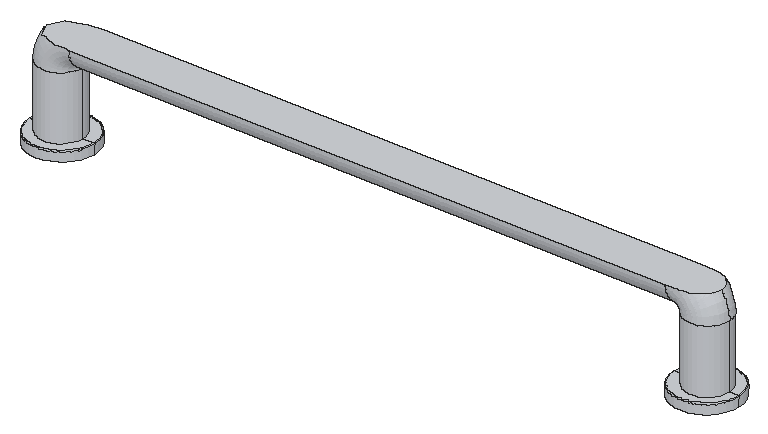
Revit family "Accessory-Towel_Bar-KOHLER-Avid-K-97494_1", category Specialty Equipment, host Face, Revit 2017
Family settings
  Host = Face
  Round Connector Dimension = Use Diameter
  Part Type = Normal
  OmniClass Number = 23.31.25.25
  OmniClass Title = Towel Bars
  Cut with Voids When Loaded = No
  Shared = No
  Room Calculation Point = No
Parameters (values of type "CP-Polished Chrome")
  Width = 19 3/4"  # constant formula
  WaterSense Certified = 1 = 0  # no
  URL = "https://www.us.kohler.com/us/"
  Type = 1
  Product Page URL = "http://www.us.kohler.com/us/catalog/productDetails.jsp?productNumber=97494"
  Product Name = "Avid"  # constant formula
  Product Documentation Link = "https://www.us.kohler.com/webassets/kpna/catalog/pdf/en/K-97494_spec.pdf"
  Model = if(Type = 1, "K-97494-CP", if(Type = 2, "K-97494-BN", "NA"))  # "K-97494-CP"
  Material = "Premium Metal Construction"  # constant formula
  Master Format 2014 Name = "Toilet, Bath, and Laundry Accessories"  # constant formula
  Master Format 2014 = "10 28 00"  # constant formula
  Manufacturer Address = "444 Highland Dr, Kohler, WI 53044"  # constant formula
  Manufacturer = "KOHLER Co."  # constant formula
  Length = 2 3/4"  # constant formula
  Height = 1 13/16"  # constant formula
  Finish = Kohler-Metal-CP-Polished_Chrome
  Environmental Product Declaration = ""
  Description = "18 inch towel bar"  # constant formula
  Default Elevation = 42"
  Declare Label = ""
  Date Modified = "04/14/2020"  # constant formula
  Date Created = "04/14/2020"  # constant formula
  Copyright = "Copyright KOHLER Co."  # constant formula
  Contact Us = "https://www.us.kohler.com/us/static/contact.jsp"
  Assembly Code = "C1030200"
  ADA Compliant = 1 = 0  # no
Types (3): name | Type | Model | Finish
  (no name) | 1 | "K-97494-CP" | Kohler-Metal-CP-Polished_Chrome
  CP-Polished Chrome | 1 | "K-97494-CP" | Kohler-Metal-CP-Polished_Chrome
  BN-Vibrant Brushed Nickel | 2 | "K-97494-BN" | Kohler-Metal-BN-Vibrant_Brushed_Nickel
Reference planes (in)
  plane 1 "Center (Front/Back)": y = 0
  plane 2: z = 0
  plane 3 "Center (Left/Right)": x = 0
  plane 4: x = -9.875
  plane 5: x = -9
  plane 6: y = 0.90625
  plane 7: y = -0.90625
  plane 8: x = 9.875
  plane 9: x = 9
  plane 10: x = -8.0625
  plane 11: x = 8.0625
  plane 12: z = 2.75
  plane 13: z = 0.27559
  plane 14: y = 0.59988
  plane 15: y = -0.59988
  plane 16: z = 2.15013
  plane 17: x = -9.5986
  plane 18: x = -8.3389
  plane 19: x = 8.3389
  plane 20: x = 9.5986
Dimensions and locks (in)
  "Width": plane 4 to plane 8
  "Height": plane 6 to plane 7
  locked: plane 5 to plane 9 at 18
  "Length": plane 12 to level
  locked: plane 10 to plane 4 at 1.8125
  locked: plane 11 to plane 8 at 1.8125
  aligned and locked: plane 2 to host face
  aligned and locked: level to host face
  aligned and locked: plane 3 "Center (Left/Right)" to nested 1
  aligned and locked: plane 1 "Center (Front/Back)" to nested 1
Automatic sketch dimensions
  host sketch curve to host sketch curve = 96"  (x2)
Nested families (in)
  nested 1: "K-97494" at (0, 0, 0), type "K-97494"
Definition of nested family "K-97494"
  Parameters (values of type "K-97494")
    Material = none
  Reference planes (in)
    plane 1 "Center (Front/Back)": y = 0
    plane 2: z = 0
    plane 3 "Center (Left/Right)": x = 0
    plane 4: x = -9
    plane 5: y = 0.90625
    plane 6: y = -0.90625
    plane 7: x = -8.0625
    plane 8: x = -9.875
    plane 9: x = 9
    plane 10: x = 8.0625
    plane 11: x = 9.875
    plane 12: z = 2.75
    plane 13: z = 0.2556
  Forms (in)
    Revolve 1, solid, material <- "Material", detail levels medium+fine
      sketch origin (0, 0, 0) x (1, 0, 0) y (0, 0, 1)
        loop
          line (-8.96875, 0) -> (-8.96875, 0.27559) -> (-9.85486, 0.27559)
          arc (-9.85486, 0.27559) -> (-9.8691, 0.26969) -> (-9.875, 0.25545) r 0.02014
          line (-9.875, 0.25545) -> (-9.875, 0) -> (-8.96875, 0)
        axis (-8.96875, 0) -> (-8.96875, 0.27559)
      angle from 0 to 360
    Revolve 2, solid, material <- "Material", detail levels medium+fine
      sketch origin (0, 0, 0) x (-1, 0, 0) y (0, 0, 1)
        loop
          line (-8.96875, 0) -> (-8.96875, 0.27559) -> (-9.85486, 0.27559)
          arc (-9.85486, 0.27559) -> (-9.8691, 0.26969) -> (-9.875, 0.25545) r 0.02014
          line (-9.875, 0.25545) -> (-9.875, 0) -> (-8.96875, 0)
        axis (-8.96875, 0) -> (-8.96875, 0.27559)
      angle from 0 to 360
    Sweep 3, solid, material <- "Material", detail levels medium+fine
      path origin (0, 0, 0) x (1, 0, 0) y (0, 0, 1)
        loop
          line (9, 0.27395) -> (9, 2.04688)
          arc (9, 2.04688) -> (8.79406, 2.54406) -> (8.29688, 2.75) r 0.70313
          line (8.29688, 2.75) -> (-8.29805, 2.75)
          arc (-8.29805, 2.75) -> (-8.7944, 2.5444) -> (-9, 2.04805) r 0.70195
          line (-9, 2.04805) -> (-9, 0.27679)
      profile origin (-9, 0, 1.16242) x (0, -1, 0) y (1, 0, 0)
        loop
          circle (0, 0) r 0.59996
    Extrusion 4, void
      sketch origin (0, 0, 0) x (0, 1, 0) y (0, 0, 1)
        loop
          line (0.90625, 2.75) -> (0.90625, 4) -> (-0.90625, 4) -> (-0.90625, 2.75) -> (0.90625, 2.75)
      from -11.40415 to 12
    Revolve 5, solid, material <- "Material", detail levels coarse
      sketch origin (0, 0, 0) x (1, 0, 0) y (0, 0, 1)
        loop
          line (-9.875, 0) -> (-8.96875, 0) -> (-8.96875, 2.75) -> (-9.59996, 2.75) -> (-9.59996, 0.27559) -> (-9.875, 0.27559) -> (-9.875, 0)
        axis (-8.96875, 0) -> (-8.96875, 2.75)
      angle from 0 to 360
    Revolve 6, solid, material <- "Material", detail levels coarse
      sketch origin (0, 0, 0) x (-1, 0, 0) y (0, 0, 1)
        loop
          line (-9.875, 0) -> (-8.96875, 0) -> (-8.96875, 2.75) -> (-9.59996, 2.75) -> (-9.59996, 0.27559) -> (-9.875, 0.27559) -> (-9.875, 0)
        axis (-8.96875, 0) -> (-8.96875, 2.75)
      angle from 0 to 360
    Extrusion 7, solid, material <- "Material", detail levels coarse
      sketch origin (0, 0, 0) x (0, 1, 0) y (0, 0, 1)
        loop
          arc (-0.59996, 2.75) -> (0, 2.15004) -> (0.59996, 2.75) r 0.59996
          line (0.59996, 2.75) -> (-0.59996, 2.75)
      from -9 to 9
  Cuts and joins
    Extrusion 4 cuts Sweep 3
    joined: Revolve 1, Revolve 2, Sweep 3
    joined: Revolve 5, Revolve 6, Extrusion 7
  Lines and regions (in)
    Masking region 1
      outline origin (0, 0, 0) x (0, 1, 0) y (0, 0, 1)
        loop
          line (0.90625, 0) -> (0.90625, 0.2556)
          arc (0.90625, 0.2556) -> (0.9004, 0.26974) -> (0.88626, 0.27559) r 0.01999
          line (0.88626, 0.27559) -> (0.59988, 0.27559) -> (0.59988, 1.91305)
          arc (0.59988, 1.91305) -> (0.56735, 2.32737) -> (0.47054, 2.73152) r 2.65429
          arc (0.47054, 2.73152) -> (0.46084, 2.74489) -> (0.44513, 2.75) r 0.02671
          line (0.44513, 2.75) -> (-0.44513, 2.75)
          arc (-0.44513, 2.75) -> (-0.46084, 2.74489) -> (-0.47054, 2.73152) r 0.02671
          arc (-0.47054, 2.73152) -> (-0.56735, 2.32737) -> (-0.59988, 1.91305) r 2.65429
          line (-0.59988, 1.91305) -> (-0.59988, 0.27559) -> (-0.88626, 0.27559)
          arc (-0.88626, 0.27559) -> (-0.9004, 0.26974) -> (-0.90625, 0.2556) r 0.01999
          line (-0.90625, 0.2556) -> (-0.90625, 0) -> (0.90625, 0)
    Masking region 2
      outline origin (0, 0, 0) x (1, 0, 0) y (0, 0, 1)
        loop
          line (-9.875, 0) -> (-8.0625, 0) -> (-8.0625, 0.25442)
          arc (-8.0625, 0.25442) -> (-8.0687, 0.26939) -> (-8.08367, 0.27559) r 0.02117
          line (-8.08367, 0.27559) -> (-8.3389, 0.27559) -> (-8.3389, 1.93375)
          arc (-8.3389, 1.93375) -> (-8.27552, 2.08675) -> (-8.12252, 2.15013) r 0.21638
          line (-8.12252, 2.15013) -> (8.12252, 2.15013)
          arc (8.12252, 2.15013) -> (8.27552, 2.08675) -> (8.3389, 1.93375) r 0.21638
          line (8.3389, 1.93375) -> (8.3389, 0.27559) -> (8.08367, 0.27559)
          arc (8.08367, 0.27559) -> (8.0687, 0.26939) -> (8.0625, 0.25442) r 0.02117
          line (8.0625, 0.25442) -> (8.0625, 0) -> (9.875, 0) -> (9.875, 0.25442)
          arc (9.875, 0.25442) -> (9.8688, 0.26939) -> (9.85383, 0.27559) r 0.02117
          line (9.85383, 0.27559) -> (9.5986, 0.27559) -> (9.5986, 2.02999)
          arc (9.5986, 2.02999) -> (9.55124, 2.39434) -> (9.4123, 2.73448) r 1.42513
          arc (9.4123, 2.73448) -> (9.40105, 2.74584) -> (9.38561, 2.75) r 0.0307
          line (9.38561, 2.75) -> (-9.38561, 2.75)
          arc (-9.38561, 2.75) -> (-9.40105, 2.74584) -> (-9.4123, 2.73448) r 0.0307
          arc (-9.4123, 2.73448) -> (-9.55124, 2.39434) -> (-9.5986, 2.02999) r 1.42513
          line (-9.5986, 2.02999) -> (-9.5986, 0.27559) -> (-9.85383, 0.27559)
          arc (-9.85383, 0.27559) -> (-9.8688, 0.26939) -> (-9.875, 0.25442) r 0.02117
          line (-9.875, 0.25442) -> (-9.875, 0)
    Masking region 3
      outline origin (0, 0, 0) x (1, 0, 0) y (0, 1, 0)
        loop
          arc (-8.22479, 0.51751) -> (-9.87567, 0) -> (-8.22479, -0.51751) r 0.90655
          line (-8.22479, -0.51751) -> (8.22479, -0.51751)
          arc (8.22479, -0.51751) -> (9.87567, 0) -> (8.22479, 0.51751) r 0.90655
          line (8.22479, 0.51751) -> (-8.22479, 0.51751)
    symbolic lines, detail levels medium+fine
      curve 1: line (0, 0.59988, 0.27559) -> (0, -0.59988, 0.27559)
      curve 2: line (0, 0.90625, 0.2556) -> (0, -0.90625, 0.2556)
      curve 3: line (-9.5986, 0, 0.27559) -> (-8.3389, 0, 0.27559)
      curve 4: line (-9.87497, 0, 0.2556) -> (-8.06253, 0, 0.2556)
      curve 5: arc (-9.39452, 0, 2.75) -> (-8.81599, 0, 2.45264) -> (-8.30463, 0, 2.05061) r 3.40198
      curve 6: line (-7.3125, 0, 2.15013) -> (-7.3125, 0, 2.75)
      curve 7: line (9.5986, 0, 0.27559) -> (8.3389, 0, 0.27559)
      curve 8: line (9.87497, 0, 0.2556) -> (8.06253, 0, 0.2556)
      curve 9: arc (9.39452, 0, 2.75) -> (8.81599, 0, 2.45264) -> (8.30463, 0, 2.05061) r 3.40198
      curve 10: line (7.3125, 0, 2.15013) -> (7.3125, 0, 2.75)
      curve 11: line (-8.08367, 0.51751, 0) -> (-8.96875, 0.51751, 0)
      curve 12: line (-8.08367, -0.51751, 0) -> (-8.96875, -0.51751, 0)
      curve 13: arc (-8.96875, 0.51751, 0) -> (-9.48626, 0, 0) -> (-8.96875, -0.51751, 0) r 0.51751
      curve 14: arc (-8.60735, 0.51751, 0) -> (-9.59996, 0, 0) -> (-8.60735, -0.51751, 0) r 0.63121
      curve 15: arc (-8.25073, 0.51751, 0) -> (-9.85383, 0, 0) -> (-8.25073, -0.51751, 0) r 0.88508
      curve 16: line (-7.3125, -0.51751, 0) -> (-7.3125, 0.51751, 0)
      curve 17: line (8.08367, 0.51751, 0) -> (8.96875, 0.51751, 0)
      curve 18: line (8.08367, -0.51751, 0) -> (8.96875, -0.51751, 0)
      curve 19: arc (8.96875, 0.51751, 0) -> (9.48626, 0, 0) -> (8.96875, -0.51751, 0) r 0.51751
      curve 20: arc (8.60735, 0.51751, 0) -> (9.59996, 0, 0) -> (8.60735, -0.51751, 0) r 0.63121
      curve 21: arc (8.25073, 0.51751, 0) -> (9.85383, 0, 0) -> (8.25073, -0.51751, 0) r 0.88508
      curve 22: line (7.3125, -0.51751, 0) -> (7.3125, 0.51751, 0)
  Dimensions and locks (in)
    plane 8 to plane 7 = 1 13/16"
    plane 8 to plane 11 = 19 3/4"  (x2)
    plane 6 to plane 5 = 1 13/16"
    plane 12 to level = 2 3/4"
    plane 5 to plane 6 = 1 13/16"
    aligned and locked: plane 2 to level
